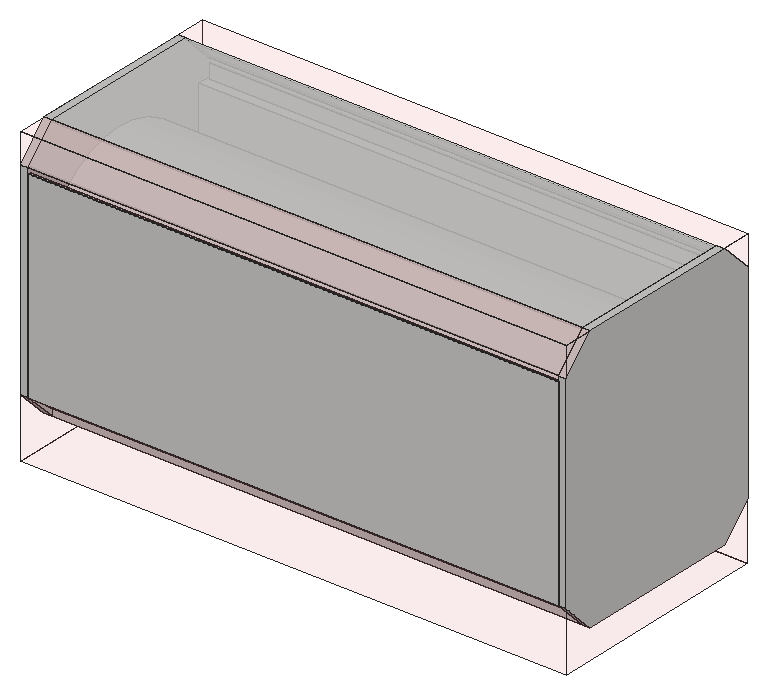
Revit family "Air-Curtain_Climate-Control_PoweredAire_ETD", category Mechanical Equipment, host Face, Revit 2024
Family settings
  Host = Face
  Round Connector Dimension = Use Diameter
  Part Type = Normal
  OmniClass Number = 23.75.35.17.21
  OmniClass Title = Air Curtains
  Cut with Voids When Loaded = No
  Maintain Annotation Orientation = No
  Shared = No
  Room Calculation Point = No
Parameters
  Warranty Duration (Years) = 0
  Unit Width Notes = "Other Widths available."  # constant formula
  Unit Width = 3' - 0"
  Unit Weight = 0
  Unit Height = 1' - 3"
  Unit Depth = 1' - 5 1/2"
  URL = "http://www.poweredaire.com/"
  Test Data = ""
  Temperature Rise_Range = "as Specified"
  Standards Conformance = "as Specified"
  Specification = "http://www.arcat.com/sdspecs/htm04/23_34_33pai.htm"
  SpecWizard = ""
  Sound Pressure = "as Specified"
  Sales Information = "http://www.poweredaire.com/contact_us"
  Revision = "R1_2016-08"
  Projection from Host [instance] = 0' - 2"
  Product Properties = ""
  Product Data = "http://www.arcat.com/arcatcos/cos47/arc47623.html"
  Power Rating = 0 W
  Outlet Volume_Range = "as Specified"
  Outlet Velocity_Range = "as Specified"
  Nozzle Width = if(1 = 1, Unit Width - 0' 1", 0' 0")  # 2' - 11"
  Mounting Width = if(1 = 1, Unit Width - 0' 0 15/16", 0' 0")  # 2' - 11 1/16"
  Mounting Height [instance] = 3' - 6"
  Motor RPM = 0
  Motor HP = 0
  Motor Count = 0
  Model = "As Specified"
  Max Height = 0' - 0"
  Manufacturer Website = "http://www.poweredaire.com/"
  Manufacturer Phone - Toll Free = "888-321-2473"
  Manufacturer Phone = "724-588-3305"
  Manufacturer Fax = "724-588-3371"
  Manufacturer Address = "109 Mortensen Rd.  Greenville, PA 16125"
  Manufacturer = "Powered Aire, Inc"
  Maintenance Schedule (Months) = 0
  Keynote = "23 34 33"
  Installation-Fabrication = ""
  Installation Phase = ""
  Include Clearance [instance] = yes
  Heating Element Load = 0 W
  HVAC_Temperature Rise [instance] = 0 °F
  HVAC_Outlet Volume [instance] = 0 CFM
  HVAC_Outlet Velocity Uniformity = 0
  HVAC_Outlet Velocity [instance] = 0 FPM
  Green Building-LEED = "http://www.arcat.com/green/clients/leed_data_47623.html"
  Front Grating Material [instance] = Metal - Steel - PoweredAire - Stainless 304 Perforated
  Frame Finish [instance] = Metal - Steel - PoweredAire - Stainless 304
  Expected Lifespan (Years) = 0
  Electrical_Wattage [instance] = Power Rating + Heating Element Load  # 0 W
  Electrical_Voltage [instance] = 0 V
  Electrical_Phase [instance] = 1
  Electrical_Frequency [instance] = 0 Hz
  Electrical_Amperage [instance] = 0 A
  Drawn By = "Sumex Design, Inc. / Robert S. Weygant, CSI, CDT, SCIP"
  Description = "Powered Aire Air Curtain as Specified"
  Default Elevation = 0' - 0"  # constant formula
  Copyright = "©Arcat Inc."
  Construction Details = "http://www.arcat.com/details/powair/prod3336.html"
  Clearance_Top [instance] = 0' - 0"
  Clearance_Side B [instance] = 0' - 0"
  Clearance_Side A [instance] = 0' - 0"
  Clearance_Intake [instance] = 0' - 0"
  Clearance_Bottom [instance] = 0' - 0"
  Clearance Material [instance] = ARCAT Clearance
  Building Codes = ""
  Available Options [instance] = "as Specified"
  Assembly Code = "D3090400"
Reference planes (in)
  plane 1 "Center (Elevation)": y = 0.13818
  plane 2: z = 0
  plane 3 "Center (Left/Right)": x = 0
  plane 4: y = 7.63818
  plane 5: y = -7.36182
  plane 6: x = -18
  plane 7: x = 18
  plane 8: z = 19.5
  plane 9 "FF": y = -41.86182
  plane 10: z = 2
  plane 11: x = 17.5
  plane 12: x = -17.5
  plane 13: y = 7.63818
  plane 14: y = -7.36182
  plane 15: x = -18
  plane 16: x = 18
  plane 17: z = 19.5
Forms (in)
  Extrusion 1, solid, material "Metal - Steel - PoweredAire - Stainless 304" <- "Frame Finish"
    sketch origin (0, 0, 0) x (0, 1, 0) y (0, 0, 1)
      loop
        line (5.69363, 2) -> (7.63818, 3.94454) -> (7.63818, 17.55546) -> (5.69363, 19.5) -> (-5.41728, 19.5) -> (-7.36182, 17.55546) -> (-7.36182, 3.94454) -> (-5.41728, 2) -> (5.69363, 2)
    from 17.5 to 18
  Extrusion 2, solid, material "Metal - Steel - PoweredAire - Stainless 304" <- "Frame Finish"
    sketch origin (0, 0, -0.5) x (0, 1, 0) y (0, 0, 1)
      loop
        circle (0.13818, 10.9739) r 6.25
      loop
        line (6.63818, 16.89427) -> (6.63818, 5.87829) -> (7.33849, 5.87829) -> (7.33849, 16.89427) -> (6.63818, 16.89427)
      loop
        line (-7.02798, 16.76927) -> (-7.02798, 5.75329) -> (-6.36182, 5.75329) -> (-6.36182, 16.76927) -> (-7.02798, 16.76927)
    from -17.5 to 17.5
  Extrusion 3, solid, material "Metal - Steel - PoweredAire - Stainless 304" <- "Frame Finish"
    sketch origin (0, 0, 0) x (0, 1, 0) y (0, 0, -1)
      loop
        line (5.69363, -2) -> (-5.41728, -2) -> (-7.36182, -3.94454) -> (-7.36182, -17.55546) -> (-5.41728, -19.5) -> (5.69363, -19.5) -> (7.63818, -17.55546) -> (7.63818, -3.94454) -> (5.69363, -2)
    from 17.5 to 18
  Extrusion 4, solid, material "Metal - Steel - PoweredAire - Stainless 304" <- "Frame Finish"
    sketch origin (0, 0, 0) x (0, 1, 0) y (0, 0, 1)
      loop
        line (-5.41728, 2) -> (5.69363, 2) -> (7.63818, 3.94454) -> (7.63818, 17.19454) -> (7.51318, 17.19454) -> (7.51318, 3.99632) -> (5.64186, 2.125) -> (-5.29228, 2.125) -> (-5.29228, 4.06954) -> (-7.23682, 4.06954) -> (-7.23682, 17.19454) -> (-7.36182, 17.19454) -> (-7.36182, 3.94454) -> (-5.41728, 3.94454) -> (-5.41728, 2)
      loop
        line (-6.64819, 3.61034) -> (-5.8702, 2.83235) -> (-5.74472, 2.95783) -> (-6.52271, 3.73583) -> (-6.64819, 3.61034)
    from -17.5 to 17.5
  Extrusion 5, solid, material "Metal - Steel - PoweredAire - Stainless 304 Perforated" <- "Front Grating Material"
    sketch origin (0, 0, 0) x (0, 1, 0) y (0, 0, 1)
      loop
        line (-7.36182, 17.19454) -> (-7.23682, 17.19454) -> (-7.23682, 17.50368) -> (-5.3655, 19.375) -> (5.64186, 19.375) -> (7.51318, 17.50368) -> (7.51318, 17.19454) -> (7.63818, 17.19454) -> (7.63818, 17.55546) -> (5.69363, 19.5) -> (-5.41728, 19.5) -> (-7.36182, 17.55546) -> (-7.36182, 17.19454)
    from -17.5 to 17.5
  Extrusion 6, solid, material "ARCAT Clearance" <- "Clearance Material", visible <- "Include Clearance"
    sketch origin (0, 0, 0) x (0, 1, 0) y (0, 0, 1)
      loop
        line (-7.36182, 19.5) -> (-7.36182, 0) -> (7.63818, 0) -> (7.63818, 19.5) -> (-7.36182, 19.5)
    from -18 to 18
Dimensions and locks (in)
  equal spacing: plane 4, plane 1 "Center (Elevation)", plane 5
  "Unit Height": plane 4 to plane 5
  equal spacing: plane 6, plane 3 "Center (Left/Right)", plane 7
  "Unit Width": plane 6 to plane 7
  "Mounting Height": plane 1 "Center (Elevation)" to plane 9 "FF"
  "Projection from Host": plane 10 to level
  "Unit Depth": plane 8 to plane 10
  locked: plane 6 to plane 12 at 0.5
  locked: plane 11 to plane 7 at 0.5
  "Clearance_Side A": plane 7 to plane 16
  "Clearance_Side B": plane 15 to plane 6
  "Clearance_Top": plane 13 to plane 4
  "Clearance_Bottom": plane 5 to plane 14
  "Clearance_Intake": plane 17 to plane 8
  aligned and locked: plane 2 to host face
  aligned and locked: level to host face
  aligned and locked: plane 7 to Extrusion 1
  aligned and locked: Extrusion 1 to plane 11
  aligned and locked: plane 12 to Extrusion 3
  aligned and locked: Extrusion 3 to plane 6
  aligned and locked: Extrusion 2 to plane 12
  aligned and locked: plane 11 to Extrusion 2
  aligned and locked: plane 11 to Extrusion 4
  aligned and locked: Extrusion 4 to plane 12
  aligned and locked: plane 11 to Extrusion 5
  aligned and locked: Extrusion 5 to plane 12
  aligned and locked: Extrusion 6 sketch curve to plane 17
  aligned and locked: plane 14 to Extrusion 6 sketch curve
  aligned and locked: level to Extrusion 6 sketch curve
  aligned and locked: Extrusion 6 sketch curve to plane 13
  aligned and locked: plane 16 to Extrusion 6
  aligned and locked: Extrusion 6 to plane 15
Automatic sketch dimensions
  host sketch curve to host sketch curve = 8' - 0"  (x2)
  Extrusion 1 sketch curve to plane 5 = 0' - 0"
  Extrusion 1 sketch curve to plane 8 = 0' - 0"
  Extrusion 1 sketch curve to plane 10 = 0' - 0"
  Extrusion 1 sketch curve to plane 4 = 0' - 0"
  plane 5 to Extrusion 1 sketch curve = 0' - 1.94454"  (x2)
  Extrusion 1 sketch curve to plane 4 = 0' - 1.94454"  (x2)
  plane 10 to Extrusion 1 sketch curve = 0' - 1.94454"  (x2)
  Extrusion 1 sketch curve to plane 8 = 0' - 1.94454"  (x2)
  Extrusion 2 sketch curve to plane 1 "Center (Elevation)" = 0' - 0"
  plane 5 to Extrusion 2 sketch curve = 0' - 1"
  plane 5 to Extrusion 2 sketch curve = 0' - 0.33384"
  Extrusion 2 sketch curve to plane 4 = 0' - 1"
  Extrusion 2 sketch curve to plane 4 = 0' - 0.29969"
  plane 10 to Extrusion 2 sketch curve = 0' - 3.37829"
  plane 10 to Extrusion 2 sketch curve = 0' - 3.25329"
  Extrusion 2 sketch curve to plane 8 = 0' - 9.0261"
  Extrusion 2 sketch curve to plane 8 = 0' - 3.23073"
  Extrusion 2 sketch curve to plane 8 = 0' - 3.10573"
  Extrusion 3 sketch curve to plane 5 = 0' - 0"
  Extrusion 3 sketch curve to plane 8 = 0' - 0"
  Extrusion 3 sketch curve to plane 10 = 0' - 0"
  Extrusion 3 sketch curve to plane 4 = 0' - 0"
  plane 5 to Extrusion 3 sketch curve = 0' - 1.94454"  (x2)
  Extrusion 3 sketch curve to plane 4 = 0' - 1.94454"  (x2)
  Extrusion 3 sketch curve to plane 8 = 0' - 1.94454"  (x2)
  plane 10 to Extrusion 3 sketch curve = 0' - 1.94454"  (x2)
  Extrusion 4 sketch curve to plane 5 = 0' - 0"
  Extrusion 4 sketch curve to plane 10 = 0' - 0"
  Extrusion 4 sketch curve to plane 4 = 0' - 0"
  plane 5 to Extrusion 4 sketch curve = 0' - 0 1/8"
  plane 5 to Extrusion 4 sketch curve = 0' - 0.71363"
  Extrusion 4 sketch curve to Extrusion 4 sketch curve = 0' - 0.12548"  (x2)
  Extrusion 4 sketch curve to Extrusion 4 sketch curve = 0' - 0.778"
  Extrusion 4 sketch curve to Extrusion 4 sketch curve = 0' - 0.32744"
  Extrusion 4 sketch curve to Extrusion 4 sketch curve = 0' - 0 1/8"  (x2)
  plane 10 to Extrusion 4 sketch curve = 0' - 0 1/8"
  Extrusion 4 sketch curve to plane 4 = 0' - 1.99632"
  Extrusion 4 sketch curve to Extrusion 4 sketch curve = 0' - 0.05178"  (x2)
  plane 10 to Extrusion 4 sketch curve = 0' - 0.83235"
  plane 10 to Extrusion 4 sketch curve = 0' - 1.94454"
  Extrusion 4 sketch curve to Extrusion 4 sketch curve = 0' - 0.3342"
  Extrusion 4 sketch curve to plane 4 = 0' - 0 1/8"
  Extrusion 4 sketch curve to plane 8 = 0' - 2.30546"  (x2)
  Extrusion 5 sketch curve to plane 5 = 0' - 0"
  Extrusion 5 sketch curve to plane 8 = 0' - 0"
  Extrusion 5 sketch curve to plane 4 = 0' - 0"
  plane 5 to Extrusion 5 sketch curve = 0' - 0 1/8"
  plane 5 to Extrusion 5 sketch curve = 0' - 1.94454"
  Extrusion 5 sketch curve to plane 8 = 0' - 0 1/8"
  Extrusion 5 sketch curve to Extrusion 5 sketch curve = 0' - 0.05178"  (x4)
  Extrusion 5 sketch curve to plane 4 = 0' - 1.99632"
  Extrusion 5 sketch curve to plane 8 = 0' - 1.94454"  (x2)
  Extrusion 5 sketch curve to Extrusion 5 sketch curve = 0' - 0 1/8"
  Extrusion 5 sketch curve to Extrusion 5 sketch curve = 0' - 0.30914"  (x2)
  radius of Extrusion 2 sketch curve = 0' - 6 1/4"
Connectors (in)
  electrical at (0, 7.63818, 10.56954), driven by "Electrical_Phase", driven by "Electrical_Voltage"
    settings: on Extrusion 4, index 1, voltage 0 V, apparent load 0 VA, apparent load phase1 0 VA, apparent load phase2 0 VA, apparent load phase3 0 VA, power factor 1, load classification "Motor", number of poles 1, system type 31, power factor state 1, is connector primary yes, connector utility no, sub classification motor no, connector description ""
